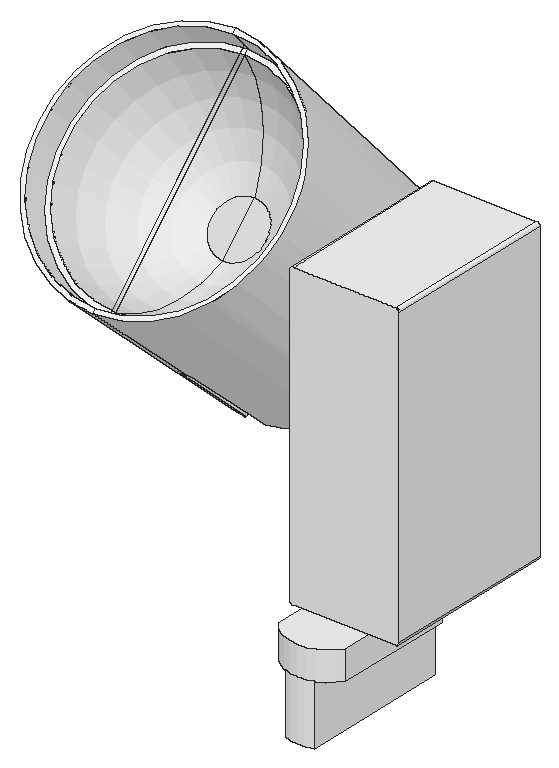
Revit family "0004834 Feilo Sylvania Lighting Fixture START TRACK SPOT L 55W 4K RA80 WB WHITE", category Lighting Fixtures, host Face, Revit 2017 (continued)
Definition of nested family "Start Track Spot Head"
  Types (96, lengths in mm): name | Wattage | built-in parameter 1150134 | Photometric Web File | Model | built-in parameter 1150105 | Lumens | built-in parameter 1150107 | built-in parameter 1150106 | HeadThickness_FEILO | HeadRibOffset_FEILO | HeadRibDepth_FEILO | HeadRibCutWidth_FEILO | HeadRibCutOffset_FEILO | HeadReflectorRadius_FEILO | HeadReflectorOffset_FEILO | HeadLEDRadius_FEILO | HeadHeight_FEILO | HeadDiffusorOffset_FEILO | HeadDiaOut_FEILO | HeadDiaIn_FEILO | HeadAxisFromTop_FEILO | Emit from Circle Diameter | built-in parameter 1150104 | Description | Apparent Load
    0004812 START TRACK SPOT S 14W 3K RA80 MB WHITE | 14 W | (empty or 0) | "0004812.ies" | "START TRACK SPOT S 14W 3K RA80 MB WHITE" | 120.32 (stored number, unit not read) | 1512 lm | 3000 (stored number, unit not read) | 1.2032 (stored number, unit not read) | 1.5 | 4.179 | 55.714 | 7.167 | 50.87 | 50.588 | 55.714 | 9.556 | 117 | 9.435 | 86 | 77.477 | 69.354 | 77.477 | 10.034 (stored number, unit not read) | "Integrated LED spotlight, Textured White - RAL9016, compact and minimalist design, ideal for retail applications, die-cast aluminium body, passive cooling heatsink. Beam angle: 36°, color temperature: 3000K , total system power: 14W, total fixture output: 1508 lm, LOR: 100%, colour rendering: Ra: 80 typical, LED Chromaticity: 3 step MacAdam ellipse, lifetime: >50000 hours at L70B50, energy class: A++, A+, A, IR/UV free light source without heat radiation, operating voltage: 220-240V / 50-60Hz, drive current: 350mA, electronic driver, non-dimmable, power factor: 0.92, electrical protection: Class II, Global Track 3 Phase adapter suitable for Global trac 3-circuit tracks, ingress protection rating: IP20, suitable for internal environment only, horizontal rotation: 355°, vertical tilt: 90°, dimensions: Ø86x140x200, weight: 0.940kg." | 14 VA
    0004811 START TRACK SPOT S 14W 3K RA80 NB WHITE | 14 W | (empty or 0) | "0004811.ies" | "START TRACK SPOT S 14W 3K RA80 NB WHITE" | 123.66 (stored number, unit not read) | 1554 lm | 3000 (stored number, unit not read) | 1.2366 (stored number, unit not read) | 1.5 | 4.179 | 55.714 | 7.167 | 50.87 | 50.588 | 55.714 | 9.556 | 117 | 9.435 | 86 | 77.477 | 69.354 | 77.477 | 10.312 (stored number, unit not read) | "Integrated LED spotlight, Textured White - RAL9016, compact and minimalist design, ideal for retail applications, die-cast aluminium body, passive cooling heatsink. Beam angle: 12°, color temperature: 3000K , total system power: 14W, total fixture output: 1551 lm, LOR: 100%, colour rendering: Ra: 80 typical, LED Chromaticity: 3 step MacAdam ellipse, lifetime: >50000 hours at L70B50, energy class: A++, A+, A, IR/UV free light source without heat radiation, operating voltage: 220-240V / 50-60Hz, drive current: 350mA, electronic driver, non-dimmable, power factor: 0.92, electrical protection: Class II, Global Track 3 Phase adapter suitable for Global trac 3-circuit tracks, ingress protection rating: IP20, suitable for internal environment only, horizontal rotation: 355°, vertical tilt: 90°, dimensions: Ø86x140x200, weight: 0.940kg." | 14 VA
  Reference planes
    plane 1 "Center (Front/Back)": y = 0
    plane 2: z = 0
    plane 3 "Center (Left/Right)": x = 0
    plane 4: x = 43
    plane 5: x = -43
    plane 6: x = -38.739
    plane 7: x = 38.739
    plane 8: z = 69.354
    plane 9: z = -47.646
    plane 10: x = -41.5
    plane 11: x = -37.239
    plane 12: z = -38.211
    plane 13: z = -35.211
    plane 14: z = 8.068
    plane 15: x = -9.556
    plane 16: x = -28.667
    plane 17: x = -19.111
    plane 18: x = -27.167
    plane 19: x = -17.611
    plane 20: x = -8.056
    plane 21: z = 13.64
    plane 22: x = -29.667
    plane 23: x = -26.167
    plane 24: x = -20.111
    plane 25: x = -16.611
    plane 26: x = -10.556
    plane 27: x = -7.056
    plane 28: x = -36.239
    plane 29: x = -40.5
    plane 30: z = 65.175
    plane 31: z = 60.997
    plane 32: z = 56.818
    plane 33: z = 18.484
    plane 34: y = -43
    plane 35: y = 43
    plane 36: y = 3.583
    plane 37: y = -3.583
    plane 38: y = -2.583
    plane 39: y = 2.583
    plane 40: y = 46
    plane 41: z = 13.5
    plane 42: z = -13.5
    plane 43: y = 39
    plane 44: x = 4.708
    plane 45: x = -2.458
    plane 46: x = -1.458
    plane 47: x = 1.458
  Forms (mm)
    Extrusion 1, solid
      sketch origin (4.2, 0, 0) x (1, 0, 0) y (0, 1, 0)
        loop
          line (-1219.2, 1219.2) -> (-1219.2, -1219.2) -> (1219.2, -1219.2) -> (1219.2, 1219.2) -> (-1219.2, 1219.2)
      from 0 to -68.017
    Revolve 2, solid, material <- "Material_1_FEILO", detail levels medium+fine
      sketch origin (0, 0, 0) x (1, 0, 0) y (0, 0, 1)
        loop
          line (-43, -47.646) -> (-41.5, -47.646) -> (-40.5, -35.211) -> (-38.739, -35.211)
          arc (-38.739, -35.211) -> (-30.16, -9.517) -> (-9.556, 8.068) r 50.588
          line (-9.556, 8.068) -> (0, 8.068) -> (0, 13.64) -> (-16.611, 13.64) -> (-17.611, 60.997) -> (-19.111, 60.997) -> (-20.111, 13.64) -> (-36.239, 13.64) -> (-37.239, 69.354) -> (-38.739, 69.354) -> (-43, -47.646)
        axis (0, 69.354) -> (0, -47.646)
      angle from 360 to 0
    Extrusion 3, void
      sketch origin (0, 0, 0) x (0, 1, 0) y (0, 0, 1)
        loop
          line (-3.583, 69.354) -> (-2.583, 18.484) -> (1.932, 18.484) -> (2.932, 69.354) -> (-3.583, 69.354)
      from 43 to -43
    Revolve 4, solid, material <- "Material_2_FEILO", detail levels medium+fine
      sketch origin (0, 0, 0) x (1, 0, 0) y (0, 0, 1)
        loop
          line (-41.5, -38.211) -> (0, -38.211) -> (0, -35.211) -> (-41.5, -35.211) -> (-41.5, -38.211)
        axis (0, -35.211) -> (0, -38.211)
      angle from 360 to 0
    Revolve 5, solid, material <- "Material_1_FEILO"
      sketch origin (0, 0, 0) x (0, 1, 0) y (0, 0, 1)
        loop
          line (46, 0) -> (39, 0) -> (39, -13.5) -> (46, -13.5) -> (46, 0)
        axis (39, 0) -> (46, 0)
      angle from 360 to 0
    Revolve 6, solid, material <- "Material_1_FEILO", detail levels medium+fine
      sketch origin (0, 0, 0) x (1, 0, 0) y (0, 0, 1)
        loop
          line (-29.667, 13.64) -> (-26.167, 13.64) -> (-27.167, 65.175) -> (-28.667, 65.175) -> (-29.667, 13.64)
        loop
          line (-10.556, 13.64) -> (-7.056, 13.64) -> (-7.833, 56.818) -> (-9.778, 56.818) -> (-10.556, 13.64)
        axis (0, 65.175) -> (0, 13.64)
      angle from 360 to 0
    Extrusion 7, void
      sketch origin (0, 0, 0) x (1, 0, 0) y (0, 0, 1)
        loop
          line (4.708, 69.354) -> (-2.458, 69.354) -> (-1.458, 13.64) -> (1.458, 13.64) -> (4.708, 69.354)
      from -43 to 43
    Revolve 8, solid, material <- "Material_1_FEILO", detail levels coarse
      sketch origin (0, 0, 0) x (1, 0, 0) y (0, 0, 1)
        loop
          line (0, 69.354) -> (-38.739, 69.354) -> (-43, -47.646) -> (-41.5, -47.646) -> (-40.731, -38.211) -> (0, -38.211) -> (0, 69.354)
        axis (0, 69.354) -> (0, -47.646)
      angle from 360 to 0
  Cuts and joins
    Extrusion 3 cuts Revolve 2
    Extrusion 7 cuts Revolve 6
  Dimensions and locks
    equal spacing: plane 7, plane 3 "Center (Left/Right)", plane 6
    equal spacing: plane 4, plane 3 "Center (Left/Right)", plane 5
    "HeadDiaOut_FEILO": plane 4 to plane 5
    "HeadDiaIn_FEILO": plane 7 to plane 6
    "HeadHeight_FEILO": plane 8 to plane 9
    "HeadThickness_FEILO": plane 10 to plane 5
    "HeadThickness_FEILO": plane 11 to plane 6
    "HeadDiffusorOffset_FEILO": plane 12 to plane 9
    "HeadDiffusorThickness_FEILO": plane 13 to plane 12
    "HeadReflectorOffset_FEILO": plane 14 to plane 9
    "HeadLEDRadius_FEILO": plane 3 "Center (Left/Right)" to plane 15
    "HeadLEDRadius_FEILO": plane 15 to plane 17
    "HeadLEDRadius_FEILO": plane 17 to plane 16
    "HeadThickness_FEILO": plane 18 to plane 16
    "HeadThickness_FEILO": plane 19 to plane 17
    "HeadThickness_FEILO": plane 20 to plane 15
    "HeadRibDepth_FEILO": plane 8 to plane 21
    "HeadDraft_FEILO": plane 16 to plane 22
    "HeadDraft_FEILO": plane 23 to plane 18
    "HeadDraft_FEILO": plane 17 to plane 24
    "HeadDraft_FEILO": plane 25 to plane 19
    "HeadDraft_FEILO": plane 15 to plane 26
    "HeadDraft_FEILO": plane 27 to plane 20
    "HeadDraft_FEILO": plane 29 to plane 10
    "HeadDraft_FEILO": plane 28 to plane 11
    "HeadRibOffset_FEILO": plane 8 to plane 30
    "HeadRibOffset_FEILO": plane 30 to plane 31
    "HeadRibOffset_FEILO": plane 31 to plane 32
    "HeadAxisFromTop_FEILO": plane 8 to plane 2
    "HeadRibCutOffset_FEILO": plane 8 to plane 33
    equal spacing: plane 34, plane 1 "Center (Front/Back)", plane 35
    "HeadDiaOut_FEILO": plane 34 to plane 35
    equal spacing: plane 38, plane 1 "Center (Front/Back)", plane 39
    equal spacing: plane 37, plane 1 "Center (Front/Back)", plane 36
    "HeadRibCutWidth_FEILO": plane 37 to plane 36
    "HeadDraft_FEILO": plane 37 to plane 38
    locked: plane 35 to plane 40 at 3
    equal spacing: plane 41, plane 2, plane 42
    locked: plane 42 to plane 41 at 27
    locked: plane 43 to plane 35 at 4
    equal spacing: plane 45, imposter light, plane 44
    "HeadDraft_FEILO": plane 46 to plane 45
    "HeadRibCutWidth_FEILO": plane 44 to plane 45
    equal spacing: plane 47, plane 3 "Center (Left/Right)", plane 46
    "HeadReflectorRadius_FEILO": radius of Revolve 2 sketch curve
    aligned and locked: plane 2 to Extrusion 1
    aligned and locked: level to Extrusion 1
    aligned and locked: Revolve 2 sketch curve to plane 3 "Center (Left/Right)"  (x2)
    aligned and locked: plane 9 to Revolve 2 sketch curve  (x2)
    aligned and locked: plane 5 to Revolve 2 sketch curve
    aligned and locked: plane 10 to Revolve 2 sketch curve
    aligned and locked: plane 14 to Revolve 2 sketch curve
    aligned and locked: plane 8 to Revolve 2 sketch curve
    aligned and locked: Revolve 2 sketch curve to plane 13
    aligned and locked: plane 12 to Revolve 4 sketch curve
    aligned and locked: plane 3 "Center (Left/Right)" to Revolve 4 sketch curve
    aligned and locked: Revolve 4 sketch curve to plane 10
    aligned and locked: Revolve 4 sketch curve to plane 3 "Center (Left/Right)"
    aligned and locked: plane 12 to imposter light
    aligned and locked: imposter light to plane 1 "Center (Front/Back)"
    aligned and locked: Revolve 5 sketch curve to plane 2
    aligned and locked: plane 43 to Revolve 5 sketch curve
    aligned and locked: plane 42 to Revolve 5 sketch curve
    aligned and locked: Revolve 6 sketch curve to plane 3 "Center (Left/Right)"
    aligned and locked: plane 22 to Revolve 6 sketch curve
    aligned and locked: plane 30 to Revolve 6 sketch curve
    aligned and locked: plane 23 to Revolve 6 sketch curve
    aligned and locked: Revolve 6 sketch curve to plane 21  (x2)
    aligned and locked: plane 21 to Revolve 6 sketch curve
    aligned and locked: plane 17 to Revolve 2 sketch curve
    aligned and locked: plane 19 to Revolve 2 sketch curve
    aligned and locked: plane 31 to Revolve 2 sketch curve
    aligned and locked: plane 21 to Revolve 2 sketch curve
    aligned and locked: Extrusion 3 to plane 8
    aligned and locked: plane 33 to Extrusion 3
    aligned and locked: plane 8 to Extrusion 3 sketch curve
    aligned and locked: Extrusion 3 sketch curve to plane 33
    aligned and locked: Extrusion 3 to plane 5
    aligned and locked: plane 4 to Extrusion 3
    aligned and locked: plane 32 to Revolve 6 sketch curve
    aligned and locked: plane 44 to Extrusion 7 sketch curve
    aligned and locked: Extrusion 7 sketch curve to plane 8
    aligned and locked: plane 46 to Extrusion 7 sketch curve
    aligned and locked: plane 21 to Extrusion 7 sketch curve
    aligned and locked: plane 34 to Extrusion 7
    aligned and locked: Extrusion 7 to plane 35
    aligned and locked: Revolve 4 sketch curve to plane 13
    aligned and locked: Revolve 5 sketch curve to plane 40
    aligned and locked: Revolve 8 sketch curve to plane 3 "Center (Left/Right)"
    aligned and locked: Revolve 8 sketch curve to cut or joined group of Revolve 2, Extrusion 3  (x3)
    aligned and locked: plane 5 to Revolve 8 sketch curve
    aligned and locked: plane 3 "Center (Left/Right)" to Revolve 8 sketch curve
    aligned and locked: plane 12 to Revolve 8 sketch curve
  Automatic sketch dimensions
    Extrusion 1 sketch curve to Extrusion 1 sketch curve = 2438.4 mm  (x2)
    Extrusion 3 sketch curve to plane 37 = 0 mm
    Extrusion 3 sketch curve to plane 38 = 0 mm
    plane 39 to Extrusion 3 sketch curve = 0.651 mm
    Extrusion 3 sketch curve to plane 39 = 0.349 mm
    Revolve 6 sketch curve to plane 16 = 0 mm
    Revolve 6 sketch curve to plane 18 = 0 mm
    Revolve 6 sketch curve to plane 26 = 0 mm
    Revolve 6 sketch curve to plane 27 = 0 mm
    Revolve 6 sketch curve to plane 15 = 0.222 mm
    plane 9 to Revolve 6 sketch curve = 559.103 mm
    Revolve 6 sketch curve to plane 8 = 2535.555 mm
    plane 20 to Revolve 6 sketch curve = 0.222 mm
    Revolve 2 sketch curve to plane 29 = 0 mm
    Revolve 2 sketch curve to plane 6 = 0 mm  (x2)
    Revolve 2 sketch curve to plane 11 = 0 mm
    Revolve 2 sketch curve to plane 21 = 0 mm
    Revolve 2 sketch curve to plane 28 = 0 mm
    Revolve 2 sketch curve to plane 24 = 0 mm
    Revolve 2 sketch curve to plane 25 = 0 mm
    Revolve 2 sketch curve to plane 15 = 0 mm
    Revolve 2 sketch curve to Revolve 2 sketch curve = 557.155 mm
    Revolve 2 sketch curve to plane 8 = 2535.558 mm
    Extrusion 7 sketch curve to plane 45 = 0 mm
    Extrusion 7 sketch curve to plane 47 = 0 mm
    plane 9 to Revolve 4 sketch curve = 559.103 mm
    Revolve 4 sketch curve to plane 8 = 2535.555 mm
    Revolve 5 sketch curve to level = 0 mm
    plane 34 to Revolve 5 sketch curve = 1968.092 mm
    Revolve 5 sketch curve to plane 40 = 1405.763 mm
    Revolve 8 sketch curve to plane 6 = 0 mm
    Revolve 8 sketch curve to plane 29 = 0.231 mm
    plane 9 to Revolve 8 sketch curve = 559.103 mm
    Revolve 8 sketch curve to Revolve 8 sketch curve = 2535.555 mm
Definition of nested family "Start Track Spot Box"
  Parameters (values of type "Type Large White")
    URL = "http://www.feilosylvania.com"
    Type Image = (empty or 0)
    Type Comments = "n/a"
    Small_FEILO = no
    Material_3_FEILO = none
    Model = ""
    Manufacturer = "Feilo Sylvania"
    Keynote = ""
    Material_2_FEILO = none
    Description = ""
    Default Elevation = 1219.2 mm
    Cost = 0
    Material_1_FEILO = none
    BoxWidth_FEILO = 49 mm
    BoxStartAngle_FEILO [instance] = 0.00°
    BoxRadius_FEILO = 1.5 mm
    BoxHeight_FEILO = if(Small_FEILO, 112 mm, 136 mm)  # 136 mm
    BoxEndAngle_FEILO [instance] = BoxStartAngle_FEILO - 180.00°  # -180.00°
    BoxDepth_FEILO = if(Small_FEILO, 71.5 mm, 79 mm)  # 79 mm
    BoxAxisVerticalOffset_FEILO = 16 mm
    BoxAxisOffset_FEILO = BoxHeight_FEILO / 6.8  # 20 mm
    Assembly Code = ""
    Material_4_FEILO = none
  Types (4, lengths in mm): name | Small_FEILO | BoxHeight_FEILO | BoxDepth_FEILO | BoxAxisOffset_FEILO
    Type Large White | no | 136 | 79 | 20
    Type Small White | yes | 112 | 71.5 | 16.471
    Type Small Black | yes | 112 | 71.5 | 16.471
    Type Large Black | no | 136 | 79 | 20
  Reference planes
    plane 1 "Center (Front/Back)": y = 0
    plane 2: z = 0
    plane 3 "Center (Left/Right)": x = 0
    plane 4: x = 24.5
    plane 5: x = -24.5
    plane 6: y = 68
    plane 7: y = -68
    plane 8: z = 39.5
    plane 9: z = -39.5
    plane 10: y = -48
    plane 11: x = 30.5
    plane 12: x = 8.5
    plane 13: x = 21.5
    plane 14: y = 70
    plane 15: y = 72
    plane 16: x = 19.5
  Forms (mm)
    Extrusion 1, solid
      sketch origin (4.2, 0, 0) x (1, 0, 0) y (0, 1, 0)
        loop
          line (-1219.2, 1219.2) -> (-1219.2, -1219.2) -> (1219.2, -1219.2) -> (1219.2, 1219.2) -> (-1219.2, 1219.2)
      from 0 to -68.017
    Extrusion 2, solid, material <- "Material_1_FEILO"
      sketch origin (0, 0, 0) x (1, 0, 0) y (0, 1, 0)
        loop
          arc (-23, 68) -> (-24.061, 67.561) -> (-24.5, 66.5) r 1.5
          line (-24.5, 66.5) -> (-24.5, -66.5)
          arc (-24.5, -66.5) -> (-24.061, -67.561) -> (-23, -68) r 1.5
          line (-23, -68) -> (23, -68)
          arc (23, -68) -> (24.061, -67.561) -> (24.5, -66.5) r 1.5
          line (24.5, -66.5) -> (24.5, 66.5)
          arc (24.5, 66.5) -> (24.061, 67.561) -> (23, 68) r 1.5
          line (23, 68) -> (-23, 68)
      from -39.5 to 39.5
    Revolve 3, solid, not visible
      sketch origin (0, 0, 0) x (1, 0, 0) y (0, 1, 0)
        loop
          line (30.5, -48) -> (24.5, -48) -> (24.5, -68) -> (30.5, -68) -> (30.5, -48)
        axis (30.5, -48) -> (24.5, -48)
      angle from 0 <- "BoxStartAngle_FEILO" to -180 <- "BoxEndAngle_FEILO"
    Revolve 4, solid, material <- "Material_2_FEILO"
      sketch origin (0, 0, 0) x (1, 0, 0) y (0, 1, 0)
        loop
          line (8.5, 68) -> (19.5, 68) -> (19.5, 70) -> (21.5, 70) -> (21.5, 72) -> (8.5, 72) -> (8.5, 68)
        axis (8.5, 72) -> (8.5, 68)
      angle from 360 to 0
  Dimensions and locks
    equal spacing: plane 5, plane 3 "Center (Left/Right)", plane 4
    "BoxWidth_FEILO": plane 5 to plane 4
    equal spacing: plane 7, plane 1 "Center (Front/Back)", plane 6
    "BoxHeight_FEILO": plane 7 to plane 6
    equal spacing: plane 8, plane 2, plane 9
    "BoxDepth_FEILO": plane 8 to plane 9
    "BoxAxisOffset_FEILO": plane 7 to plane 10
    locked: plane 4 to plane 11 at 6
    "BoxAxisVerticalOffset_FEILO": plane 12 to plane 4
    locked: plane 12 to plane 13 at 13
    plane 6 to plane 14 to plane 15 = 2 mm locked, 2 mm locked
    locked: plane 12 to plane 16 at 11
    "BoxRadius_FEILO": radius of Extrusion 2 sketch curve  (x4)
    aligned and locked: plane 2 to Extrusion 1
    aligned and locked: level to Extrusion 1
    aligned and locked: plane 6 to Extrusion 2 sketch curve
    aligned and locked: plane 5 to Extrusion 2 sketch curve
    aligned and locked: Extrusion 2 sketch curve to plane 7
    aligned and locked: Extrusion 2 sketch curve to plane 4
    aligned and locked: Extrusion 2 to plane 8
    aligned and locked: plane 9 to Extrusion 2
    aligned and locked: Revolve 3 sketch curve to plane 10  (x2)
    aligned and locked: plane 11 to Revolve 3 sketch curve
    aligned and locked: Revolve 3 sketch curve to plane 4
    aligned and locked: plane 7 to Revolve 3 sketch curve
    aligned and locked: Revolve 4 sketch curve to plane 12
    aligned and locked: plane 6 to Revolve 4 sketch curve
    aligned and locked: plane 12 to Revolve 4 sketch curve
    aligned and locked: plane 15 to Revolve 4 sketch curve
    aligned and locked: Revolve 4 sketch curve to plane 13
    aligned and locked: Revolve 4 sketch curve to plane 14
    aligned and locked: Revolve 4 sketch curve to plane 16
    aligned and locked: Revolve 4 sketch curve to plane 6
  Automatic sketch dimensions
    Extrusion 1 sketch curve to Extrusion 1 sketch curve = 2438.4 mm  (x2)
    Revolve 3 sketch curve to plane 5 = 1499.5 mm
    plane 11 to Revolve 3 sketch curve = 1493.5 mm
    plane 15 to Revolve 4 sketch curve = 0 mm
    plane 7 to Revolve 4 sketch curve = 1456 mm
    Revolve 4 sketch curve to plane 15 = 1452 mm
